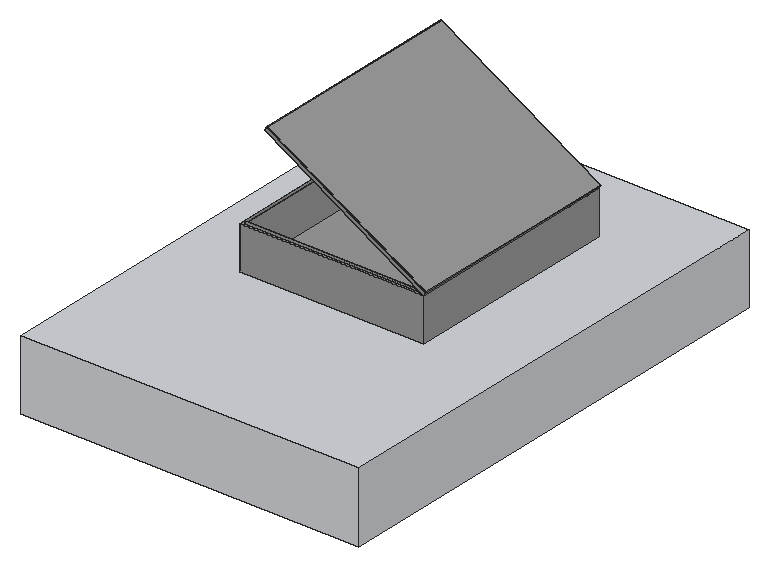
Revit family "Hager-Univers-IP44-D205-H950-Cl.I-encl-NL-en", category Equipement électrique, Revit 2020
Family settings
  Hôte = Face
  Configuration du panneau = Deux colonnes, circuits au sein
  Cote de connecteur circulaire = Utiliser le diamètre
  Type d'élément = Tableau de raccordement
  Couper avec des vides une fois chargée = Non
  Partagée = Non
  Point de calcul de pièce = Non
Parameters (values of type "Surface mounted (plaster) IP44 W800 H950 D205  - FP63QT")
  Width Control [instance] = if([EF000008 - Width] > Min Width, [EF000008 - Width], Min Width)  # 800 mm
  Commentaires du type = [HG000003 - Range]  # "Univers"
  Thickness Door [instance] = if([EF009171 - Material plate thickness door/cover] > 3 mm, 3 mm, [EF009171 - Material plate thickness door/cover])  # 1 mm
  Seal Frame Offset [instance] = 17 mm  # constant formula
  Plinth Visibility [instance] = [HG000027 - Plinth height] > 0 mm  # no
  Model = ""
  Min Width [instance] = 100 mm  # constant formula
  Min Height [instance] = 100 mm  # constant formula
  Min Depth [instance] = (2 * [EF009170 - Material plate thickness cabinet]) + 1 mm  # 3 mm
  Internal Frame Depth [instance] = (Door System Depth * 0.5)  # 9 mm
  Height Control [instance] = if([EF000040 - Height] > Min Height, [EF000040 - Height], Min Height)  # 950 mm
  HG000027 - Plinth height = 0 mm
  HG000026 - Floor standing = no
  HG000024 - Bottom section height = 800 mm
  HG000023 - Double section enclosure = no
  HG000016 - Door 3d visibility [instance] = yes
  HG000015 - Clearance visibility [instance] = no
  HG000014 - Door on the right [instance] = yes
  HG000013 - Door on the left [instance] = not([HG000014 - Door on the right])  # no
  HG000012 - Door swing angle [instance] = 30.00°
  HG000010 - Asymmetric doors = no
  HG000009 - Double swing door = no
  HG000006 - Flush mounted = no
  HG000004 - Manufacturer reference = "FP63QT"
  HG000003 - Range = "Univers"
  HG000002 - With door or cover = yes
  Frame Offset Bottom [instance] = 10 mm  # constant formula
  Frame Offset [instance] = 15 mm  # constant formula
  EF015940 - Cover with overpressure release = no
  EF011959 - Degree of protection (NEMA) = ""
  EF009554 - Number of openings for flange plates = 6
  EF009212 - Cover model = "EV000116 - Closed"
  EF009171 - Material plate thickness door/cover = 1 mm
  EF009170 - Material plate thickness cabinet = 1 mm
  Fabricant = "Hager"  # constant formula
  EF008873 - Nominal current (In) = 250 A
  EF007800 - Suitable for lightning protection = no
  EF006306 - With lock = no
  EF006244 - Transparent cover/door = no
  EF005474 - Degree of protection (IP) = "EV006418 - IP44"
  EF004464 - Type of door = "EV002646 - Single"
  EF004427 - Number of modules = 216
  EF004293 - Impact strength = "EV006815 - IK09"
  EF003532 - Suitable for outdoor use = no
  EF002950 - Width in number of modular spacings = 36
  EF001613 - Circuit integrity = "EV000494 - None"
  EF001596 - Material housing = "EV000179 - Steel"
  EF001131 - Internal depth = 130 mm
  EF001088 - Extension possible = yes
  EF000437 - Number of conduit inlets = 6
  EF000339 - Type of cover = "EV001012 - Cover"
  EF000266 - Number of rows = 6
  EF000218 - Built-in depth = 0 mm
  EF000118 - With mounting plate = no
  EF000116 - RAL-number = "9010"
  EF000049 - Depth = 205 mm
  EF000040 - Height = 950 mm
  EF000008 - Width = 800 mm
  EF000007 - Colour = "EV000202 - White"
  EF000003 - Mounting method = "EV000384 - Surface mounted (plaster)"
  Door System Leaf Tolerance [instance] = 1.5 mm  # constant formula
  Door System Depth [instance] = 18 mm  # constant formula
  Door Height [instance] = Height Control - [HG000027 - Plinth height]  # 950 mm
  Depth Control [instance] = if([EF000049 - Depth] > Min Depth, [EF000049 - Depth], Min Depth)  # 205 mm
  Default Elevation = 0 mm
  Connector Offset [instance] = Height Control / 2  # 475 mm
  Bottom Top Plate Trim [instance] = 1.5 mm  # constant formula
  Plinth height Ctrl [instance] = if([HG000027 - Plinth height] > 0 mm, [HG000027 - Plinth height], 12 mm)  # 12 mm
Types (5, lengths in mm): name | Width Control | HG000004 - Manufacturer reference | EF009554 - Number of openings for flange plates | EF004464 - Type of door | EF004427 - Number of modules | EF002950 - Width in number of modular spacings | EF000437 - Number of conduit inlets | EF000008 - Width
  Surface mounted (plaster) IP44 W1050 H950 D205  - FP64QT | 1050 | "FP64QT" | 8 | "EV003602 - Double" | 288 | 48 | 8 | 1050
  Surface mounted (plaster) IP44 W1300 H950 D205  - FP65QT | 1300 | "FP65QT" | 10 | "EV003602 - Double" | 360 | 60 | 10 | 1300
  Surface mounted (plaster) IP44 W300 H950 D205  - FP61QT | 300 | "FP61QT" | 2 | "EV002646 - Single" | 72 | 12 | 2 | 300
  Surface mounted (plaster) IP44 W550 H950 D205  - FP62QT | 550 | "FP62QT" | 4 | "EV002646 - Single" | 144 | 24 | 4 | 550
  Surface mounted (plaster) IP44 W800 H950 D205  - FP63QT | 800 | "FP63QT" | 6 | "EV002646 - Single" | 216 | 36 | 6 | 800
Reference planes
  plane 1 "Center (Front/Back)": y = 0
  plane 2: z = 0
  plane 3 "Center (Left/Right)": x = 0
  plane 4: z = 205
  plane 5: y = 1
  plane 6: y = 475
  plane 7: y = 0
  plane 8: y = 950
  plane 9: z = 0
  plane 10: x = -385
  plane 11: x = 385
  plane 12: x = 384
  plane 13: x = -384
  plane 14: y = 949
  plane 15: x = -383
  plane 16: x = -400
  plane 17: x = 383
  plane 18: x = 400
  plane 19: x = 399
  plane 20: x = -399
  plane 21: y = 11
  plane 22: y = 950
  plane 23: y = 934
  plane 24: z = 187
  plane 25: z = 1
  plane 26: z = 186
  plane 27: z = 204
Forms (mm)
  Extrusion 1, solid
    sketch origin (0, 0, 0) x (1, 0, 0) y (0, 1, 0)
      loop
        line (-702.964, 1305) -> (-702.964, -811.445) -> (766.763, -811.445) -> (766.763, 1305) -> (-702.964, 1305)
    from 0 to -304.8
  Extrusion 2, solid, material "Hager_Steel_RAL7035_Light_Grey", visible <- "Plinth Visibility", detail levels medium+fine
    sketch origin (0, 0, 0) x (1, 0, 0) y (0, 1, 0)
      loop
        line (-400, 0) -> (400, 0) -> (400, 12) -> (-400, 12) -> (-400, 0)
    from 0 to 187
  Extrusion 3, solid, material "Hager_Steel_RAL7035_Light_Grey", detail levels medium+fine
    sketch origin (0, 0, 0) x (1, 0, 0) y (0, 1, 0)
      loop
        line (-400, 0) -> (400, 0) -> (400, 950) -> (-400, 950) -> (-400, 0)
    from 0 to 187
  Extrusion 4, void
    sketch origin (0, 0, 0) x (1, 0, 0) y (0, 1, 0)
      loop
        line (-399, 1) -> (399, 1) -> (399, 949) -> (-399, 949) -> (-399, 1)
    from 1 to 186
  Extrusion 5, void
    sketch origin (-381.607, -4572, 187) x (0, -1, 0) y (-1, 0, 0)
      loop
        line (-4583, 2.393) -> (-5506, 2.393) -> (-5506, -765.607) -> (-4583, -765.607) -> (-4583, 2.393)
    from 0 to 1 <- "EF009170 - Material plate thickness cabinet"
  Extrusion 6, solid, material "Hager_Steel_RAL7035_Light_Grey", detail levels fine
    sketch origin (0, 0, 187) x (1, 0, 0) y (0, 1, 0)
      loop
        line (-384, 934) -> (-384, 11) -> (384, 11) -> (384, 934) -> (-384, 934)
      loop
        line (-385, 10) -> (385, 10) -> (385, 935) -> (-385, 935) -> (-385, 10)
    from 0 to 9 <- "Internal Frame Depth"
  Extrusion 7, solid, material "Hager_Steel_RAL7035_Light_Grey", detail levels coarse
    sketch origin (0, 0, 0) x (1, 0, 0) y (0, 1, 0)
      loop
        line (-400, 0) -> (400, 0) -> (400, 950) -> (-400, 950) -> (-400, 0)
    from 0 to 205
  Sweep 8, void
    path in 3D
      loop
        line (-400, 12, 0) -> (400, 12, 0) -> (400, 12, 187) -> (-400, 12, 187) -> (-400, 12, 0)
    profile origin (-400, 12, 93.5) x (-1, 0, 0) y (0, -1, 0)
      loop
        line (0, 0) -> (0, 1.5) -> (-1.5, 1.5)
        arc (-1.5, 1.5) -> (-1.061, 0.439) -> (0, 0) r 1.5
Cuts and joins
  Extrusion 4, Extrusion 5 cuts Extrusion 3
  Sweep 8 cuts Extrusion 2
Lines and regions (mm)
  Masking region 1
    outline origin (0, 0, 0) x (1, 0, 0) y (0, 0, 1)
      loop
        line (-400, 205) -> (-400, 0) -> (400, 0) -> (400, 205) -> (-400, 205)
  Masking region 2, detail levels medium+fine
    outline origin (0, 140, 0) x (0, 1, 0) y (0, 0, 1)
      loop
        line (-140, 0) -> (810, 0) -> (810, 187) -> (-140, 187) -> (-140, 0)
  Masking region 3, not visible, detail levels medium+fine
    outline origin (0, 297.922, 0) x (0, 1, 0) y (0, 0, 1)
      loop
        line (188.578, 0) -> (228.578, 0) -> (228.578, 194)
        arc (228.578, 194) -> (225.649, 201.071) -> (218.578, 204) r 10
        line (218.578, 204) -> (188.578, 204) -> (188.578, 0)
  Masking region 4, detail levels coarse
    outline origin (0, 0, 180) x (0, 1, 0) y (0, 0, 1)
      loop
        line (0, -180) -> (950, -180) -> (950, 25) -> (0, 25) -> (0, -180)
  Masking region 5, visible <- "Plinth Visibility", detail levels medium+fine
    outline origin (0, 52.24, 12.345) x (0, 0, -1) y (0, 1, 0)
      loop
        line (10.845, -40.24) -> (-173.155, -40.24)
        arc (-173.155, -40.24) -> (-173.594, -41.301) -> (-174.655, -41.74) r 1.5
        line (-174.655, -41.74) -> (-174.655, -52.24) -> (12.345, -52.24) -> (12.345, -41.74)
        arc (12.345, -41.74) -> (11.285, -41.301) -> (10.845, -40.24) r 1.5
  Masking region 6, detail levels medium+fine
    outline origin (-381.607, -4572, 187) x (-1, 0, 0) y (0, -1, 0)
      loop
        line (18.393, -5522) -> (18.393, -4572) -> (-781.607, -4572) -> (-781.607, -5522) -> (18.393, -5522)
  Masking region 7, visible <- "Plinth Visibility", detail levels medium+fine
    outline origin (-381.607, -4727, 187) x (-1, 0, 0) y (0, -1, 0)
      loop
        arc (16.893, -4739) -> (17.332, -4737.939) -> (18.393, -4737.5) r 1.5
        line (18.393, -4737.5) -> (18.393, -4727) -> (-781.607, -4727) -> (-781.607, -4737.5)
        arc (-781.607, -4737.5) -> (-780.546, -4737.939) -> (-780.107, -4739) r 1.5
        line (-780.107, -4739) -> (16.893, -4739)
  Masking region 8, detail levels coarse
    outline origin (-442.548, -4669.526, 187) x (-1, 0, 0) y (0, -1, 0)
      loop
        line (-42.548, -5619.526) -> (-42.548, -4669.526) -> (-842.548, -4669.526) -> (-842.548, -5619.526) -> (-42.548, -5619.526)
  sketch lines
    curve 1: line (-400, 12, 187) -> (-400, 12, 0)
    curve 2: line (400, 12, 187) -> (-400, 12, 187)
    curve 3: line (400, 12, 187) -> (400, 12, 0)
    curve 4: line (-400, 12, 0) -> (400, 12, 0)
Dimensions and locks
  "Depth Control": plane 4 to Extrusion 1
  "HG000027 - Plinth height": plane 1 "Center (Front/Back)" to plane 7
  "EF009170 - Material plate thickness cabinet": plane 5 to plane 7
  locked: connector elem to plane 3 "Center (Left/Right)"
  equal spacing: plane 8, plane 6, plane 7
  locked: connector elem to plane 6
  "EF009170 - Material plate thickness cabinet": plane 8 to plane 14
  "EF009170 - Material plate thickness cabinet": plane 10 to plane 13
  "EF009170 - Material plate thickness cabinet": plane 12 to plane 11
  "Frame Offset": plane 20 to plane 13
  "Frame Offset": plane 12 to plane 19
  "EF009170 - Material plate thickness cabinet": plane 16 to plane 20
  "EF009170 - Material plate thickness cabinet": plane 19 to plane 18
  "Seal Frame Offset": plane 16 to plane 15
  "Seal Frame Offset": plane 17 to plane 18
  "Frame Offset Bottom": plane 21 to plane 5
  "Frame Offset": plane 14 to plane 23
  equal spacing: plane 16, plane 3 "Center (Left/Right)", plane 18
  "Width Control": plane 16 to plane 18
  "EF009170 - Material plate thickness cabinet": plane 4 to plane 27
  "EF009170 - Material plate thickness cabinet": plane 24 to plane 26
  "EF009170 - Material plate thickness cabinet": plane 25 to level
  "Door System Depth": plane 4 to plane 24
  "Height Control": plane 1 "Center (Front/Back)" to Extrusion 7 sketch curve
  "Height Control": Masking region 4 sketch curve to plane 1 "Center (Front/Back)"
  "Height Control": plane 1 "Center (Front/Back)" to plane 22
  "Bottom Top Plate Trim": profile plane to Sweep 8 sketch curve
  "Bottom Top Plate Trim": Sweep 8 sketch curve to profile plane
  "Plinth height Ctrl": plane 1 "Center (Front/Back)" to Extrusion 2 sketch curve
  "Plinth height Ctrl": Masking region 5 sketch curve to plane 1 "Center (Front/Back)"
  "Plinth height Ctrl": plane 1 "Center (Front/Back)" to Masking region 7 sketch curve
  "Thickness Door": Extrusion 6 sketch curve to Extrusion 6 sketch curve  (x3)
  "Thickness Door": cut or joined group of Extrusion 3, Extrusion 4, Extrusion 5 to Extrusion 6 sketch curve
  radius of Masking region 3 sketch curve = 10 mm
  "Bottom Top Plate Trim": radius of Masking region 5 sketch curve  (x2)
  "Bottom Top Plate Trim": radius of Sweep 8 sketch curve
  "Bottom Top Plate Trim": radius of Masking region 7 sketch curve  (x2)
  aligned and locked: plane 2 to Extrusion 1
  aligned and locked: level to Extrusion 1
  aligned and locked: level to Masking region 1 sketch curve
  aligned and locked: Masking region 1 sketch curve to plane 18
  aligned and locked: Masking region 1 sketch curve to plane 16
  aligned and locked: plane 7 to Masking region 2 sketch curve
  aligned and locked: level to Masking region 3 sketch curve
  aligned and locked: Masking region 3 sketch curve to plane 27
  aligned and locked: level to Masking region 2 sketch curve
  aligned and locked: plane 1 "Center (Front/Back)" to Extrusion 2 sketch curve
  aligned and locked: Extrusion 3 sketch curve to plane 7
  aligned and locked: plane 16 to Extrusion 3 sketch curve
  aligned and locked: plane 18 to Extrusion 3 sketch curve
  aligned and locked: plane 20 to Extrusion 4 sketch curve
  aligned and locked: plane 19 to Extrusion 4 sketch curve
  aligned and locked: Extrusion 4 sketch curve to plane 5
  aligned and locked: Extrusion 4 to plane 25
  aligned and locked: plane 26 to Extrusion 4
  aligned and locked: plane 24 to Extrusion 3
  aligned and locked: Extrusion 5 sketch curve to plane 21
  aligned and locked: Extrusion 5 sketch curve to plane 13
  aligned and locked: Extrusion 5 sketch curve to plane 12
  aligned and locked: plane 18 to Extrusion 7 sketch curve
  aligned and locked: plane 1 "Center (Front/Back)" to Extrusion 7 sketch curve
  aligned and locked: plane 16 to Extrusion 7 sketch curve
  aligned and locked: plane 4 to Extrusion 7
  aligned and locked: Extrusion 7 to level
  aligned and locked: level to Masking region 4 sketch curve
  aligned and locked: Masking region 4 sketch curve to plane 1 "Center (Front/Back)"
  aligned and locked: Masking region 4 sketch curve to plane 4
  aligned and locked: nested 1 to level
  aligned and locked: nested 1 to plane 16
  aligned and locked: plane 8 to Extrusion 3 sketch curve
  aligned and locked: plane 23 to Extrusion 5 sketch curve
  aligned and locked: plane 14 to Extrusion 4 sketch curve
  aligned and locked: Masking region 2 sketch curve to plane 8
  aligned and locked: level to Masking region 5 sketch curve
  aligned and locked: plane 16 to Extrusion 2 sketch curve
  aligned and locked: plane 18 to Extrusion 2 sketch curve
  aligned and locked: Masking region 5 sketch curve to plane 24
  aligned and locked: Masking region 2 sketch curve to plane 24
  aligned and locked: plane 24 to Extrusion 2
  aligned and locked: profile plane to Sweep 8 sketch curve  (x2)
  aligned and locked: Masking region 6 sketch curve to plane 18
  aligned and locked: Masking region 6 sketch curve to plane 22
  aligned and locked: Masking region 6 sketch curve to plane 16
  aligned and locked: plane 8 to plane 22
  aligned and locked: Masking region 6 sketch curve to plane 7
  aligned and locked: Masking region 7 sketch curve to plane 16
  aligned and locked: Masking region 7 sketch curve to plane 1 "Center (Front/Back)"
  aligned and locked: Masking region 7 sketch curve to plane 18
  aligned and locked: Masking region 8 sketch curve to plane 1 "Center (Front/Back)"
  aligned and locked: Masking region 8 sketch curve to plane 18
  aligned and locked: Masking region 8 sketch curve to plane 22
  aligned and locked: Masking region 8 sketch curve to plane 16
  aligned and locked: nested 2 to plane 7
  aligned and locked: plane 3 "Center (Left/Right)" to nested 2
  aligned and locked: nested 2 to plane 24
  aligned and locked: Extrusion 6 sketch curve to cut or joined group of Extrusion 3, Extrusion 4, Extrusion 5  (x4)
Automatic sketch dimensions
  Extrusion 1 sketch curve to Extrusion 1 sketch curve = 1469.727 mm
  Extrusion 1 sketch curve to Extrusion 1 sketch curve = 2116.445 mm
  Masking region 1 sketch curve to plane 4 = 0 mm
  plane 6 to Masking region 3 sketch curve = 11.5 mm
  Masking region 3 sketch curve to Masking region 3 sketch curve = 30 mm
  Masking region 5 sketch curve to plane 1 "Center (Front/Back)" = 0 mm
Nested families
  nested 1: "Hager_Enclosure_Symbol" at (-400, 0, 0) x (1, 0, 0) z (0, -1, 0), Height <- "Depth Control", Width <- "Width Control", type "Hager_Enclosure_Symbol"
    with Width_Ctrl 800 mm, Width 800 mm, Height_Ctrl 205 mm, Height 205 mm, A_Width_Int 13.453 mm, A_Width 161.438 mm, A_Height_Ctrl 179.375 mm, A_Height 179.375 mm
  nested 2: "EC000058_Univers_Door" at (0, 0, 187) x (1, 0, 0) z (0, 1, 0), Leaf_Tolerance <- "Door System Leaf Tolerance", Angle <- "HG000012 - Door swing angle", Door_Depth <- "Door System Depth", Door_Left <- "HG000013 - Door on the left", Transparent <- "EF006244 - Transparent cover/door", Assymetrical <- "HG000010 - Asymmetric doors", Width <- "Width Control", Clearance <- "HG000015 - Clearance visibility", Double <- "HG000009 - Double swing door", 3d_Door <- "HG000016 - Door 3d visibility", Lock_Visibility <- "EF006306 - With lock", Width_Ctrl <- "Width Control", Door_Right <- "HG000014 - Door on the right", Door <- "HG000002 - With door or cover", Height <- "Door Height", Thickness <- "Thickness Door", type "EC000058_Univers_Door", detail levels medium+fine
    with min_wh 3 mm, Width_Ctrl 800 mm, Width 800 mm, Transparent no, Thickness 1 mm, Seal_Material Hager_Rubber, Lock_Visibility no, Lock_Material Hager_Plastic_RAL9005_Jet_Black, Leaf_Width 800 mm, Leaf_Tolerance_External_Sides 0 mm, Leaf_Tolerance 1.5 mm, Leaf_Offset 0 mm, Leaf_Height 947 mm, Leaf_2_Width 800 mm, Leaf_2_Offset 400 mm, Leaf_1_Width 800 mm, Leaf_1_Offset 400 mm, Height_Ctrl 950 mm, Height 950 mm, Glass_Material Hager_Glass, Double_Clearance_Ctrl no, Double no, Door_Right_Ctrl yes, Door_Right yes, Door_Material Hager_Steel_RAL7035_Light_Grey, Door_Left_Ctrl no, Door_Left no, Door_Depth 18 mm, Door yes, Clearance_Material Hager_Clearance, Clearance_Depth 800 mm, Clearance_Ctrl no, Clearance no, Assymetrical no, Angle 30.00°, 3d_Door yes
Connectors
  electrical at (0, 475, 0)
    settings: on plane 9, index 1, voltage 0 V, apparent load 0 VA, apparent load phase1 0 VA, apparent load phase2 0 VA, apparent load phase3 0 VA, power factor 1, load classification "Other", number of poles 1, system type 30, power factor state 1, is connector primary yes, connector utility no, sub classification motor no, connector description ""
Definition of nested family "EC000058_Univers_Door"
  Parameters (values of type "EC000058_Univers_Door")
    min_wh [instance] = (2 * Thickness) + 1 mm  # 11 mm
    Width_Ctrl [instance] = 400 mm
    Width [instance] = 500 mm
    Transparent [instance] = yes
    Thickness [instance] = 5 mm
    Seal_Material [instance] = none
    Lock_Visibility [instance] = yes
    Lock_Material [instance] = none
    Leaf_Width [instance] = if((Width_Ctrl - 2 * Leaf_Tolerance_External_Sides) > 0 mm, (Width_Ctrl - 2 * Leaf_Tolerance_External_Sides), min_wh)  # 400 mm
    Leaf_Tolerance_External_Sides [instance] = 0 mm  # constant formula
    Leaf_Tolerance [instance] = 1.5 mm
    Leaf_Offset [instance] = 0 mm  # constant formula
    Leaf_Height [instance] = if((Height_Ctrl - 2 * Leaf_Tolerance) > 0 mm, (Height_Ctrl - 2 * Leaf_Tolerance), min_wh)  # 497 mm
    Leaf_2_Width [instance] = if(and(and(Double, Assymetrical), Door_Left), (Leaf_Width / 3) - (Leaf_Tolerance / 2), if(and(and(Double, Assymetrical), Door_Right), (Leaf_Width / 3) * 2 - (Leaf_Tolerance / 2), if(and(Double, not(Assymetrical)), (Leaf_Width / 2) - Leaf_Tolerance, Leaf_Width)))  # 400 mm
    Leaf_2_Offset [instance] = if(and(Double, Assymetrical), Leaf_2_Width / 2, if(and(Double, not(Assymetrical)), Leaf_Width / 4, Leaf_Width / 2))  # 200 mm
    Leaf_1_Width [instance] = if(and(and(Double, Assymetrical), Door_Right), (Leaf_Width / 3) - (Leaf_Tolerance / 2), if(and(and(Double, Assymetrical), Door_Left), (Width / 3) * 2 - (Leaf_Tolerance / 2), if(and(Double, not(Assymetrical)), (Leaf_Width / 2) - Leaf_Tolerance, Leaf_Width)))  # 400 mm
    Leaf_1_Offset [instance] = if(and(Double, Assymetrical), Leaf_1_Width / 2, if(and(Double, not(Assymetrical)), Leaf_Width / 4, Leaf_Width / 2))  # 200 mm
    Height_Ctrl [instance] = if(Height > min_wh, Height, min_wh)  # 500 mm
    Height [instance] = 500 mm
    Glass_Material [instance] = none
    Double_Clearance_Ctrl [instance] = and(Double, Clearance)  # no
    Double [instance] = no
    Door_Right_Ctrl [instance] = and(or(Door_Right, Double), Door)  # yes
    Door_Right [instance] = yes
    Door_Material [instance] = none
    Door_Left_Ctrl [instance] = and(or(Door_Left, Double), Door)  # no
    Door_Left [instance] = no
    Door_Depth [instance] = 30 mm
    Door [instance] = yes
    Default Elevation = 1219.2 mm
    Clearance_Material [instance] = none
    Clearance_Depth [instance] = if(Leaf_1_Width > Leaf_2_Width, Leaf_1_Width, Leaf_2_Width)  # 400 mm
    Clearance_Ctrl [instance] = and(not(Double), Clearance)  # yes
    Clearance [instance] = yes
    Assymetrical [instance] = yes
    Angle [instance] = 30.00°
    3d_Door [instance] = yes
  Reference planes
    plane 1 "Center (Front/Back)": y = 0
    plane 2 "Bottom": z = 0
    plane 3 "Center (Left/Right)": x = 0
    plane 4: z = 500
    plane 5: x = -200
    plane 6: x = 200
    plane 7: z = 500
    plane 8: x = -200
    plane 9: z = 0
    plane 10: x = 200
    plane 11: y = 0
    plane 12: z = 1.5
    plane 13: x = -600
    plane 14: y = -400
    plane 15: x = 600
    plane 16: x = 0
    plane 17: x = 0
    plane 18: x = -200
    plane 19: x = 200
    plane 20: z = 498.5
  Forms (mm)
    Extrusion 1, solid, material <- "Clearance_Material", visible <- "Double_Clearance_Ctrl"
      sketch origin (1200, 0, 0) x (1, 0, 0) y (0, 0, -1)
        loop
          line (-1800, -498.5) -> (-600, -498.5) -> (-600, 0) -> (-1800, 0) -> (-1800, -498.5)
      from 0 to -400
  Dimensions and locks
    equal spacing: plane 5, plane 3 "Center (Left/Right)", plane 6
    "Width_Ctrl": plane 5 to plane 6
    "Leaf_Offset": plane 5 to plane 8
    "Leaf_Offset": plane 6 to plane 10
    "Leaf_Offset": plane 9 to level
    "Leaf_Offset": plane 4 to plane 7
    "Height_Ctrl": plane 4 to level
    "Leaf_Tolerance": plane 12 to plane 9
    locked: plane 11 to plane 1 "Center (Front/Back)"
    "Leaf_1_Offset": plane 18 to plane 16
    "Leaf_2_Offset": plane 17 to plane 19
    "Leaf_1_Width": plane 13 to plane 8
    "Leaf_2_Width": plane 10 to plane 15
    "Clearance_Depth": plane 14 to plane 1 "Center (Front/Back)"
    "Leaf_Tolerance_External_Sides": plane 8 to plane 18
    "Leaf_Tolerance_External_Sides": plane 19 to plane 10
    "Leaf_Tolerance": plane 7 to plane 20
    aligned and locked: level to plane 2 "Bottom"
    aligned and locked: nested 1 to plane 16
    aligned and locked: nested 2 to plane 17
    aligned and locked: Extrusion 1 to plane 13
    aligned and locked: plane 15 to Extrusion 1
    aligned and locked: Extrusion 1 to plane 14
    aligned and locked: plane 12 to nested 1
    aligned and locked: nested 2 to plane 12
    aligned and locked: Extrusion 1 to plane 11
    aligned and locked: plane 20 to Extrusion 1
    aligned and locked: nested 2 to plane 11
    aligned and locked: nested 1 to plane 11
  Automatic sketch dimensions
    Extrusion 1 sketch curve to level = 0 mm
    plane 5 to Extrusion 1 sketch curve = 400 mm
    plane 6 to Extrusion 1 sketch curve = 400 mm
    Extrusion 1 sketch curve to plane 4 = 1.5 mm
  Nested families
    nested 1: "EC000058_Univers_Door_Leaf" at (0, 0, 1.5), Width <- "Leaf_1_Width", visible <- "Door_Left_Ctrl", Leaf_Height <- "Leaf_Height", Angle <- "Angle", 3d_Door <- "3d_Door", Transparent <- "Transparent", Clearance Material <- "Clearance_Material", Clearance <- "Clearance_Ctrl", Door_Material <- "Door_Material", Glass_Material <- "Glass_Material", Door_Depth <- "Door_Depth", Lock_Material <- "Lock_Material", Seal_Material <- "Seal_Material", Lock_Visibility <- "Lock_Visibility", Thickness <- "Thickness", type "EC000058_Univers_Door_Leaf"
      with Width 400 mm, Transparent_Glass_Offset 30 mm, Transparent_Ctrl yes, Transparent yes, Thickness 5 mm, Standard no, Seal_Material none, Seal_D2 8 mm, Seal_D1 1 mm, Offset_Internal_Frame 10 mm, Lock_Width 20 mm, Lock_Visibility_3d yes, Lock_Visibility yes, Lock_Thickness_3 3 mm, Lock_Thickness_2 1 mm, Lock_Thickness_1 3 mm, Lock_Radius_Offset_2 16 mm, Lock_Radius_Offset_1 15 mm, Lock_Radius_2 5 mm, Lock_Radius 6 mm, Lock_Offset 5 mm, Lock_Material none, Lock_Height 80 mm, Lock_Cover_Top_Offset_2d 17 mm, Lock_Cover_Height -65 mm, Leaf_Height 497 mm, Internal_Seal_Thickness 8 mm, Internal_Seal_Depth_2 4.5 mm, Internal_Frame_Depth 25 mm, Glass_Thickness -1 mm, Glass_Offset -2 mm, Glass_Material none, Door_Material none, Door_Depth 30 mm, Clearance Material none, Clearance yes, Angle_Ctrl 30.00°, Angle 30.00°, 3d_Door yes
    nested 2: "EC000058_Univers_Door_Leaf" at (0, 0, 1.5) x (-1, 0, 0) z (0, 0, 1), Width <- "Leaf_2_Width", visible <- "Door_Right_Ctrl", Leaf_Height <- "Leaf_Height", Angle <- "Angle", 3d_Door <- "3d_Door", Transparent <- "Transparent", Clearance Material <- "Clearance_Material", Clearance <- "Clearance_Ctrl", Door_Material <- "Door_Material", Glass_Material <- "Glass_Material", Door_Depth <- "Door_Depth", Lock_Material <- "Lock_Material", Seal_Material <- "Seal_Material", Lock_Visibility <- "Lock_Visibility", Thickness <- "Thickness", type "EC000058_Univers_Door_Leaf"
      with Width 400 mm, Transparent_Glass_Offset 30 mm, Transparent_Ctrl yes, Transparent yes, Thickness 5 mm, Standard no, Seal_Material none, Seal_D2 8 mm, Seal_D1 1 mm, Offset_Internal_Frame 10 mm, Lock_Width 20 mm, Lock_Visibility_3d yes, Lock_Visibility yes, Lock_Thickness_3 3 mm, Lock_Thickness_2 1 mm, Lock_Thickness_1 3 mm, Lock_Radius_Offset_2 16 mm, Lock_Radius_Offset_1 15 mm, Lock_Radius_2 5 mm, Lock_Radius 6 mm, Lock_Offset 5 mm, Lock_Material none, Lock_Height 80 mm, Lock_Cover_Top_Offset_2d 17 mm, Lock_Cover_Height -65 mm, Leaf_Height 497 mm, Internal_Seal_Thickness 8 mm, Internal_Seal_Depth_2 4.5 mm, Internal_Frame_Depth 25 mm, Glass_Thickness -1 mm, Glass_Offset -2 mm, Glass_Material none, Door_Material none, Door_Depth 30 mm, Clearance Material none, Clearance yes, Angle_Ctrl 30.00°, Angle 30.00°, 3d_Door yes
  Definition of nested family "EC000058_Univers_Door_Leaf"
    Parameters (values of type "EC000058_Univers_Door_Leaf")
      Width [instance] = 2000 mm
      Transparent_Glass_Offset [instance] = 30 mm
      Transparent_Ctrl [instance] = and(Transparent, [3d_Door])  # yes
      Transparent [instance] = yes
      Thickness [instance] = 5 mm
      Standard [instance] = and(not(Transparent), [3d_Door])  # no
      Seal_Material [instance] = none
      Seal_D2 [instance] = 8 mm  # constant formula
      Seal_D1 [instance] = 1 mm  # constant formula
      Offset_Internal_Frame [instance] = 10 mm  # constant formula
      Lock_Width [instance] = 20 mm  # constant formula
      Lock_Visibility_3d [instance] = and(Lock_Visibility, [3d_Door])  # yes
      Lock_Visibility [instance] = yes
      Lock_Thickness_3 [instance] = 3 mm  # constant formula
      Lock_Thickness_2 [instance] = 1 mm  # constant formula
      Lock_Thickness_1 [instance] = 3 mm  # constant formula
      Lock_Radius_Offset_2 [instance] = Lock_Radius_Offset_1 + 1 mm  # 16 mm
      Lock_Radius_Offset_1 [instance] = 15 mm  # constant formula
      Lock_Radius_2 [instance] = Lock_Radius - 1 mm  # 5 mm
      Lock_Radius [instance] = 6 mm  # constant formula
      Lock_Offset [instance] = 5 mm  # constant formula
      Lock_Material [instance] = none
      Lock_Height [instance] = 80 mm  # constant formula
      Lock_Cover_Top_Offset_2d [instance] = Lock_Radius_Offset_2 + 1 mm  # 17 mm
      Lock_Cover_Height [instance] = -(Lock_Height - Lock_Radius_Offset_1)  # -65 mm
      Leaf_Height [instance] = 2720.336 mm
      Internal_Seal_Thickness [instance] = 8 mm  # constant formula
      Internal_Seal_Depth_2 [instance] = 4.5 mm  # constant formula
      Internal_Frame_Depth [instance] = if(Door_Depth - Thickness > 5 mm, Door_Depth - Thickness, 5 mm)  # 25 mm
      Glass_Thickness [instance] = if(Thickness > 15 mm, Glass_Offset + 10 mm, -1 mm)  # -1 mm
      Glass_Offset [instance] = if(Thickness > 15 mm, -(Thickness + 10 mm) / 2, -2 mm)  # -2 mm
      Glass_Material [instance] = none
      Door_Material [instance] = none
      Door_Depth [instance] = 30 mm
      Default Elevation = 0 mm
      Clearance Material [instance] = none
      Clearance [instance] = yes
      Angle_Ctrl [instance] = if(Angle > 180.00°, 180.00°, Angle)  # 90.00°
      Angle [instance] = 90.00°
      3d_Door [instance] = yes
    Reference planes
      plane 1 "Center (Front/Back)": y = 0
      plane 2: z = 0
      plane 3 "Center (Left/Right)": x = 0
      plane 4: y = 2000
      plane 5: x = -1000
      plane 6: x = 1000
      plane 7: x = -3000
      plane 8: z = 2720.336
      plane 9: z = 30
      plane 10: z = 2690.336
      plane 11: x = 970
      plane 12: x = -970
      plane 13: y = -3
      plane 14: z = 107.833
      plane 15: y = -5
      plane 16: y = -223.314
      plane 17: x = -1000
      plane 18: z = 1360.168
      plane 19: y = 30
    Forms (mm)
      Extrusion 1, solid, material <- "Clearance Material", visible <- "Clearance"
        sketch origin (0, 0, 0) x (1, 0, 0) y (0, 0, 1)
          loop
            line (-3000, 2720.336) -> (-3000, 0) -> (1000, 0) -> (1000, 2720.336) -> (-3000, 2720.336)
        from 0 to -2000
      Extrusion 2, solid, material <- "Door_Material", visible <- "Standard", detail levels medium+fine
        sketch origin (-1000, 0, 0) x (0, 1, 0) y (-1, 0, 0)
          loop
            line (0, 30) -> (0, 25) -> (2000, 25) -> (2000, 30) -> (0, 30)
        from 0 to 2720.336 <- "Leaf_Height"
      Extrusion 3, solid, material <- "Door_Material", visible <- "Transparent_Ctrl", detail levels medium+fine
        sketch origin (-1000, 0, 0) x (0, 1, 0) y (-1, 0, 0)
          loop
            line (0, 25) -> (2000, 25) -> (2000, 30) -> (0, 30) -> (0, 25)
        from 0 to 2720.336 <- "Leaf_Height"
      Extrusion 4, void
        sketch origin (-1025, 2000, 0) x (0, 1, 0) y (0, 0, -1)
          loop
            line (-30, -2690.336) -> (-30, -30) -> (-1970, -30) -> (-1970, -2690.336) -> (-30, -2690.336)
        from 0 to 5 <- "Thickness"
      Sweep 5, solid, material <- "Seal_Material", visible <- "Transparent_Ctrl", detail levels fine
        path in 3D
          loop
            line (-1025, 30, 30) -> (-1025, 30, 2690.336) -> (-1025, 1970, 2690.336) -> (-1025, 1970, 30) -> (-1025, 30, 30)
        profile origin (-1025, 1000, 30) x (1, 0, 0) y (0, 0, 1)
          loop
            line (0, 0) -> (0, -8) -> (1, -8) -> (1, 0) -> (0, 0)
      Extrusion 6, solid, material <- "Glass_Material", visible <- "Transparent_Ctrl", detail levels medium+fine
        sketch origin (-1030, 0, 0) x (0, 1, 0) y (0, 0, -1)
          loop
            line (1970, -2690.336) -> (1970, -30) -> (30, -30) -> (30, -2690.336) -> (1970, -2690.336)
        from -2 <- "Glass_Offset" to -1 <- "Glass_Thickness"
      Extrusion 7, solid, material <- "Door_Material", visible <- "3d_Door", detail levels medium+fine
        sketch origin (-1025, 2000, 0) x (0, -1, 0) y (0, 0, -1)
          loop
            line (0, -2720.336) -> (2000, -2720.336) -> (2000, 0) -> (0, 0) -> (0, -2720.336)
          loop
            line (1995, -5) -> (5, -5) -> (5, -2715.336) -> (1995, -2715.336) -> (1995, -5)
        from 0 to 25 <- "Internal_Frame_Depth"
      Sweep 8, solid, material <- "Seal_Material", visible <- "Transparent_Ctrl", detail levels fine
        path in 3D
          loop
            line (-1025, 0, 0) -> (-1025, 2000, 0) -> (-1025, 2000, 2720.336) -> (-1025, 0, 2720.336) -> (-1025, 0, 0)
        profile origin (-1025, 0, 1360.168) x (1, 0, 0) y (0, 1, 0)
          loop
            line (0, 10) -> (2.975, 10)
            arc (2.975, 10) -> (4.053, 10.447) -> (4.5, 11.525) r 1.525
            line (4.5, 11.525) -> (4.5, 16.527)
            arc (4.5, 16.527) -> (4.069, 17.569) -> (3.027, 18) r 1.473
            line (3.027, 18) -> (0, 18) -> (0, 10)
      Extrusion 9, solid, material <- "Lock_Material", visible <- "Lock_Visibility_3d", detail levels fine
        sketch origin (-1030, 0, 0) x (0, 1, 0) y (0, 0, -1)
          loop
            arc (1993.5, -1400.168) -> (1994.561, -1399.729) -> (1995, -1398.668) r 1.5
            line (1995, -1398.668) -> (1995, -1320.168) -> (1975, -1320.168) -> (1975, -1398.668)
            arc (1975, -1398.668) -> (1975.439, -1399.729) -> (1976.5, -1400.168) r 1.5
            line (1976.5, -1400.168) -> (1993.5, -1400.168)
        from 3 <- "Lock_Thickness_1" to 0
      Blend 10, solid, material <- "Lock_Material", visible <- "Lock_Visibility_3d", detail levels fine
        base sketch origin (-1033, 0, 0) x (0, 1, 0) y (0, 0, -1)
          loop
            line (1975, -1320.168) -> (1975, -1398.668)
            arc (1975, -1398.668) -> (1975.439, -1399.729) -> (1976.5, -1400.168) r 1.5
            line (1976.5, -1400.168) -> (1993.5, -1400.168)
            arc (1993.5, -1400.168) -> (1994.561, -1399.729) -> (1995, -1398.668) r 1.5
            line (1995, -1398.668) -> (1995, -1320.168) -> (1975, -1320.168)
        top sketch origin (-1033, 0, 0) x (0, 1, 0) y (0, 0, -1)
          loop
            line (1976, -1320.168) -> (1976, -1398.668)
            arc (1976, -1398.668) -> (1976.146, -1399.022) -> (1976.5, -1399.168) r 0.5
            line (1976.5, -1399.168) -> (1993.5, -1399.168)
            arc (1993.5, -1399.168) -> (1993.854, -1399.022) -> (1994, -1398.668) r 0.5
            line (1994, -1398.668) -> (1994, -1320.168) -> (1976, -1320.168)
        from 0 to 1 <- "Lock_Thickness_2"
      Blend 11, solid, material <- "Lock_Material", visible <- "Lock_Visibility_3d", detail levels fine
        base sketch origin (-1034, 0, 0) x (0, 1, 0) y (0, 0, -1)
          loop
            line (1978, -1320.168) -> (1978, -1384.168)
            arc (1978, -1384.168) -> (1985, -1391.168) -> (1992, -1384.168) r 7
            line (1992, -1384.168) -> (1992, -1320.168) -> (1978, -1320.168)
        top sketch origin (-1034, 0, 0) x (0, 1, 0) y (0, 0, -1)
          loop
            line (1991, -1320.168) -> (1979, -1320.168) -> (1979, -1383.168)
            arc (1979, -1383.168) -> (1985, -1389.168) -> (1991, -1383.168) r 6
            line (1991, -1383.168) -> (1991, -1320.168)
        from 0 to 3 <- "Lock_Thickness_3"
      Extrusion 12, solid, material <- "Lock_Material", visible <- "Lock_Visibility_3d", detail levels fine
        sketch origin (-1030, 1975, 1320.168) x (1, 0, 0) y (0, -1, 0)
          loop
            line (-7, -19) -> (-7, -1) -> (0, -1) -> (0, 0) -> (-8, 0) -> (-8, -20) -> (0, -20) -> (0, -19) -> (-7, -19)
        from 0 to -65 <- "Lock_Cover_Height"
      Extrusion 13, void
        sketch origin (-1038, 1995, 1320.168) x (-1, 0, 0) y (0, 0, -1)
          loop
            line (-5, -65) -> (0, -65) -> (-5, -60) -> (-5, -65)
        from 0 to 20 <- "Lock_Width"
      Extrusion 14, void
        sketch origin (-1038, 1975, 1320.168) x (0, -1, 0) y (0, 0, -1)
          loop
            circle (-10, -15.995) r 6
          loop
            circle (-10, -15.995) r 5
        from 0 to 2
      Extrusion 15, solid, material <- "Lock_Material", visible <- "Lock_Visibility_3d", detail levels medium
        sketch origin (-1030, 0, 0) x (0, 1, 0) y (0, 0, -1)
          loop
            arc (1993.5, -1400.168) -> (1994.561, -1399.729) -> (1995, -1398.668) r 1.5
            line (1995, -1398.668) -> (1995, -1320.168) -> (1975, -1320.168) -> (1975, -1398.668)
            arc (1975, -1398.668) -> (1975.439, -1399.729) -> (1976.5, -1400.168) r 1.5
            line (1976.5, -1400.168) -> (1993.5, -1400.168)
        from 8 to 0
    Cuts and joins
      Extrusion 4 cuts Extrusion 3
      Extrusion 13, Extrusion 14 cuts Extrusion 9
      Extrusion 14 cuts Blend 11
      Extrusion 13, Extrusion 14 cuts Extrusion 12
      joined: Extrusion 9, Blend 10, Blend 11, Extrusion 12
      Extrusion 14 cuts Extrusion 15
    Lines and regions (mm)
      Masking region 1, visible <- "Lock_Visibility", detail levels fine
        outline origin (0, 0, 0) x (0, 1, 0) y (0, 0, 1)
          loop
            line (30, 1320.168) -> (33, 1320.168) -> (33, 1400.168) -> (30, 1400.168) -> (30, 1320.168)
      Masking region 2, visible <- "Lock_Visibility", detail levels fine
        outline origin (0, 3.143, 0) x (0, 1, 0) y (0, 0, 1)
          loop
            line (29.857, 1354.168) -> (30.857, 1354.168) -> (30.857, 1366.168) -> (29.857, 1366.168) -> (29.857, 1354.168)
      Masking region 3, detail levels medium+fine
        outline origin (0, 0, 0) x (0, 1, 0) y (0, 0, 1)
          loop
            line (0, 0) -> (30, 0) -> (30, 2720.336) -> (0, 2720.336) -> (0, 0)
      Masking region 4, detail levels medium+fine
        outline origin (0, 0, 0) x (1, 0, 0) y (0, 0, 1)
          loop
            line (-1000, 2720.336) -> (-1000, 0) -> (1000, 0) -> (1000, 2720.336) -> (-1000, 2720.336)
      Masking region 5, visible <- "Lock_Visibility", detail levels fine
        outline origin (-47.116, 0, 0) x (1, 0, 0) y (0, 0, 1)
          loop
            arc (1024.616, 1399.168) -> (1023.556, 1398.729) -> (1023.116, 1397.668) r 1.5
            line (1023.116, 1397.668) -> (1023.116, 1320.168) -> (1041.116, 1320.168) -> (1041.116, 1397.668)
            arc (1041.116, 1397.668) -> (1040.677, 1398.729) -> (1039.616, 1399.168) r 1.5
            line (1039.616, 1399.168) -> (1024.616, 1399.168)
      Masking region 6, visible <- "Lock_Visibility", detail levels medium+fine
        outline origin (-25, 0, 0) x (1, 0, 0) y (0, 0, 1)
          loop
            arc (1001.5, 1400.168) -> (1000.439, 1399.729) -> (1000, 1398.668) r 1.5
            line (1000, 1398.668) -> (1000, 1320.168) -> (1020, 1320.168) -> (1020, 1398.668)
            arc (1020, 1398.668) -> (1019.561, 1399.729) -> (1018.5, 1400.168) r 1.5
            line (1018.5, 1400.168) -> (1001.5, 1400.168)
      Masking region 7, visible <- "Lock_Visibility", detail levels fine
        outline origin (-73.735, 0, 0) x (1, 0, 0) y (0, 0, 1)
          loop
            line (1051.735, 1382.168) -> (1065.735, 1382.168) -> (1065.735, 1384.168)
            arc (1065.735, 1384.168) -> (1058.735, 1391.168) -> (1051.735, 1384.168) r 7
            line (1051.735, 1384.168) -> (1051.735, 1382.168)
      Masking region 8, visible <- "Lock_Visibility", detail levels fine
        outline origin (-73.735, 0, 0) x (1, 0, 0) y (0, 0, 1)
          loop
            line (1052.735, 1382.168) -> (1064.735, 1382.168) -> (1064.735, 1383.168)
            arc (1064.735, 1383.168) -> (1058.735, 1389.168) -> (1052.735, 1383.168) r 6
            line (1052.735, 1383.168) -> (1052.735, 1382.168)
      Masking region 9, visible <- "Lock_Visibility", detail levels fine
        outline origin (-25, 0, 0) x (1, 0, 0) y (0, 0, 1)
          loop
            line (1020, 1320.168) -> (1020, 1382.168) -> (1000, 1382.168) -> (1000, 1320.168) -> (1020, 1320.168)
      Masking region 10, detail levels medium+fine
        outline origin (0, 0, 0) x (1, 0, 0) y (0, 0, 1)
          loop
            circle (985, 1335.144) r 6
      Masking region 11, detail levels fine
        outline origin (0, 0, 0) x (1, 0, 0) y (0, 0, 1)
          loop
            circle (985, 1335.144) r 5
      Masking region 12, visible <- "Lock_Visibility", detail levels fine
        outline origin (0, 12.767, 0) x (0, 1, 0) y (0, 0, 1)
          loop
            line (20.233, 1320.168) -> (21.233, 1320.168) -> (21.233, 1399.168) -> (20.233, 1400.168) -> (20.233, 1320.168)
      Masking region 13, visible <- "Lock_Visibility", detail levels fine
        outline origin (0, 13.767, -10) x (0, 1, 0) y (0, 0, 1)
          loop
            line (20.233, 1330.168) -> (23.233, 1330.168) -> (23.233, 1399.168) -> (20.233, 1402.168) -> (20.233, 1330.168)
      Masking region 14, visible <- "Lock_Visibility", detail levels fine
        outline origin (0, 12.767, -10) x (0, 1, 0) y (0, 0, 1)
          loop
            line (20.233, 1330.168) -> (25.233, 1330.168) -> (25.233, 1399.305) -> (20.233, 1394.305) -> (20.233, 1330.168)
      Masking region 15, visible <- "Lock_Visibility", detail levels medium
        outline origin (0, 0, 0) x (0, 1, 0) y (0, 0, 1)
          loop
            line (30, 1320.168) -> (38, 1320.168) -> (38, 1400.168) -> (30, 1400.168) -> (30, 1320.168)
      Masking region 16, visible <- "Lock_Visibility", detail levels fine
        outline origin (-1000, 0, 0) x (0, 1, 0) y (-1, 0, 0)
          loop
            line (1975, 30) -> (1995, 30) -> (1995, 38) -> (1975, 38) -> (1975, 30)
          loop
            line (1979, 37) -> (1976, 37) -> (1976, 34) -> (1978, 34) -> (1979, 37)
          loop
            line (1994, 37) -> (1991, 37) -> (1992, 34) -> (1994, 34) -> (1994, 37)
      Masking region 17, visible <- "Lock_Visibility", detail levels medium
        outline origin (-1000, 0, 0) x (0, 1, 0) y (-1, 0, 0)
          loop
            line (1975, 30) -> (1995, 30) -> (1995, 38) -> (1975, 38) -> (1975, 30)
      symbolic lines
        curve 1: line (1000, 0, 0) -> (-3000, 0, 0)
        curve 2: arc (1000, 0, 0) -> (-1000, 2000, 0) -> (-3000, 0, 0) r 2000
        curve 4: line (-1030, 0, 0) -> (-1030, 2000, 0)
      reference lines
        curve 3: line (-1000, 0, 0) -> (-1000, 2000, 0)
      symbolic lines, detail levels medium+fine
        curve 5: line (-1030, 2000, 0) -> (-1025, 2000, 0)
        curve 7: line (-1025, 0, 0) -> (-1030, 0, 0)
        curve 8: line (-1025, 0, 0) -> (-1000, 0, 0)
        curve 9: line (-1000, 0, 0) -> (-1000, 2000, 0)
        curve 10: line (-1000, 2000, 0) -> (-1025, 2000, 0)
      symbolic lines, detail levels fine
        curve 6: line (-1025, 2000, 0) -> (-1025, 0, 0)
      sketch lines
        curve 11: line (-1025, 0, 2720.336) -> (-1025, 0, 0)
        curve 12: line (-1025, 2000, 0) -> (-1025, 0, 0)
        curve 13: line (-1025, 2000, 2720.336) -> (-1025, 2000, 0)
        curve 14: line (-1025, 0, 2720.336) -> (-1025, 2000, 2720.336)
        curve 15: line (-1025, 1970, 30) -> (-1025, 30, 30)
        curve 16: line (-1025, 30, 30) -> (-1025, 30, 2690.336)
        curve 17: line (-1025, 1970, 2690.336) -> (-1025, 1970, 30)
        curve 18: line (-1025, 30, 2690.336) -> (-1025, 1970, 2690.336)
      symbolic lines, visible <- "Transparent", detail levels medium+fine
        curve 19: line (-970, 0, 2690.336) -> (970, 0, 2690.336)
        curve 20: line (-970, 0, 30) -> (-970, 0, 2690.336)
        curve 21: line (970, 0, 30) -> (-970, 0, 30)
        curve 22: line (970, 0, 2690.336) -> (970, 0, 30)
    Dimensions and locks
      "Width": plane 1 "Center (Front/Back)" to plane 4
      equal spacing: plane 5, plane 3 "Center (Left/Right)", plane 6
      "Width": plane 5 to plane 6
      "Width": plane 7 to plane 5
      "Leaf_Height": plane 8 to level
      "Width": curve 5 to curve 3
      "Width": curve 3 to curve 3
      plane 8 to plane 10 = 30 mm
      plane 9 to level = 30 mm
      plane 12 to plane 5 = 30 mm
      plane 6 to plane 11 = 30 mm
      Extrusion 1 to Extrusion 4 sketch curve = 30 mm
      "Transparent_Glass_Offset": curve 3 to Extrusion 4 sketch curve
      "Transparent_Glass_Offset": Extrusion 4 sketch curve to cut or joined group of Extrusion 3, Extrusion 4  (x2)
      cut or joined group of Extrusion 3, Extrusion 4 to Extrusion 6 sketch curve = 30 mm
      "Transparent_Glass_Offset": cut or joined group of Extrusion 3, Extrusion 4 to Extrusion 4 sketch curve
      "Thickness": curve 6 to curve 4
      "Thickness": Extrusion 7 sketch curve to Extrusion 7 sketch curve  (x4)
      "Door_Depth": curve 4 to curve 3
      "Offset_Internal_Frame": profile plane to Sweep 8 sketch curve
      "Internal_Seal_Thickness": Sweep 8 sketch curve to Sweep 8 sketch curve
      "Internal_Seal_Depth_2": profile plane to Sweep 8 sketch curve
      "Seal_D1": profile plane to Sweep 5 sketch curve
      "Seal_D2": profile plane to Sweep 5 sketch curve
      "Thickness": Extrusion 2 sketch curve to Extrusion 2 sketch curve
      equal spacing: Extrusion 9 sketch curve, plane 18, Extrusion 9 sketch curve  (x2)
      equal spacing: Masking region 1 sketch curve, plane 18, Masking region 1 sketch curve
      "Lock_Height": Masking region 1 sketch curve to Masking region 1 sketch curve
      "Lock_Radius": Masking region 2 sketch curve to plane 18 to Masking region 2 sketch curve
      Masking region 2 sketch curve to Masking region 1 = 1 mm
      "Door_Depth": plane 19 to plane 1 "Center (Front/Back)"
      "Lock_Thickness_1": Masking region 1 sketch curve to plane 19
      "Lock_Width": Extrusion 9 sketch curve to Extrusion 9 sketch curve
      "Lock_Height": Extrusion 9 sketch curve to Extrusion 9 sketch curve
      "Lock_Offset": cut or joined group of Extrusion 3, Extrusion 4 to Extrusion 9 sketch curve
      equal spacing: plane 8, plane 18, level
      "Lock_Radius_Offset_1": Blend 11 sketch curve to Blend 10
      locked: Blend 10 to Blend 11 sketch curve at 2  (x2)
      locked: var sketch to Blend 11 sketch curve at 1  (x2)
      "Lock_Radius_Offset_2": Blend 11 sketch curve to Blend 10
      locked: Extrusion 12 sketch curve to Extrusion 12 sketch curve at 1  (x3)
      Masking region 6 sketch curve to Masking region 6 sketch curve = 80 mm
      "Lock_Height": Masking region 6 sketch curve to Masking region 6 sketch curve
      "Lock_Width": Masking region 6 sketch curve to Masking region 6 sketch curve
      locked: Masking region 6 to Masking region 5 sketch curve at 1  (x3)
      locked: Masking region 5 to Masking region 7 sketch curve at 2  (x2)
      "Lock_Radius_Offset_1": Masking region 5 to Masking region 7 sketch curve
      "Lock_Radius_Offset_2": Masking region 5 to Masking region 8 sketch curve
      locked: Masking region 7 to Masking region 8 sketch curve at 1  (x2)
      "Lock_Cover_Top_Offset_2d": Masking region 5 to Masking region 9 sketch curve
      equal spacing: Masking region 9, Masking region 10 sketch curve, Masking region 9
      equal spacing: Masking region 9, Masking region 11 sketch curve, Masking region 9
      Extrusion 15 sketch curve to Extrusion 15 sketch curve = 80 mm
      "Lock_Width": Extrusion 15 sketch curve to Extrusion 15 sketch curve
      "Lock_Height": Extrusion 15 sketch curve to Extrusion 15 sketch curve
      equal spacing: Extrusion 15 sketch curve, plane 18, Extrusion 15 sketch curve
      "Lock_Thickness_3": Masking region 13 sketch curve to Masking region 13 sketch curve
      "Lock_Height": Masking region 12 sketch curve to Masking region 12 sketch curve
      locked: Masking region 13 sketch curve to Masking region 1 at 8
      locked: Masking region 14 sketch curve to Masking region 13 at 1
      locked: Masking region 14 sketch curve to Masking region 1 at 10.863
      "Lock_Height": Masking region 15 sketch curve to Masking region 15 sketch curve
      "Lock_Offset": Extrusion 15 sketch curve to cut or joined group of Extrusion 3, Extrusion 4
      "Lock_Offset": plane 6 to Masking region 6 sketch curve
      radius of Sweep 8 sketch curve = 1.525 mm
      radius of Sweep 8 sketch curve = 1.473 mm
      radius of Extrusion 9 sketch curve = 1.5 mm  (x2)
      "Lock_Radius": radius of Extrusion 14 sketch curve
      "Lock_Radius_2": radius of Extrusion 14 sketch curve
      "Lock_Radius": radius of Masking region 10 sketch curve
      "Lock_Radius_2": radius of Masking region 11 sketch curve
      radius of Extrusion 15 sketch curve = 1.5 mm  (x2)
      "Angle_Ctrl": angle plane 1 "Center (Front/Back)" to curve 3
      locked: Masking region 12 sketch curve to Masking region 12 sketch curve (angle 45.00°)
      locked: Masking region 13 sketch curve to Masking region 13 sketch curve (angle 45.00°)
      locked: Masking region 14 sketch curve to Masking region 14 sketch curve (angle 45.00°)
      aligned and locked: level to plane 2
      aligned and locked: Extrusion 1 to curve 1
      aligned and locked: plane 6 to Extrusion 1
      aligned and locked: Extrusion 1 to plane 1 "Center (Front/Back)"
      aligned and locked: plane 4 to Extrusion 1
      aligned and locked: plane 8 to Extrusion 1
      aligned and locked: curve 7 to Extrusion 2 sketch curve
      aligned and locked: curve 5 to Extrusion 2 sketch curve
      aligned and locked: curve 7 to Extrusion 3 sketch curve
      aligned and locked: Extrusion 3 sketch curve to curve 4
      aligned and locked: Extrusion 3 sketch curve to curve 6
      aligned and locked: Extrusion 3 sketch curve to curve 5
      aligned and locked: curve 9 to curve 3
      aligned and locked: Extrusion 7 sketch curve to cut or joined group of Extrusion 3, Extrusion 4  (x4)
      aligned and locked: plane 17 to curve 3
      aligned and locked: plane 1 "Center (Front/Back)" to curve 3
      aligned and locked: plane 17 to plane 5
      aligned and locked: Sweep 8 sketch curve to profile plane
      aligned and locked: Sweep 5 sketch curve to profile plane  (x2)
      aligned and locked: Masking region 1 to Masking region 2 sketch curve
      aligned and locked: plane 19 to Masking region 1 sketch curve
      aligned and locked: plane 1 "Center (Front/Back)" to Masking region 3 sketch curve
      aligned and locked: plane 19 to Masking region 3 sketch curve
      aligned and locked: level to Masking region 3 sketch curve
      aligned and locked: Masking region 3 sketch curve to plane 8
      aligned and locked: plane 17 to Masking region 4 sketch curve
      aligned and locked: level to Masking region 4 sketch curve
      aligned and locked: Masking region 4 sketch curve to plane 8
      aligned and locked: plane 12 to curve 20
      aligned and locked: plane 10 to curve 19
      aligned and locked: plane 11 to curve 22
      aligned and locked: curve 21 to plane 9
      aligned and locked: Extrusion 2 sketch curve to cut or joined group of Extrusion 3, Extrusion 4
      aligned and locked: Blend 10 sketch curve to Extrusion 9  (x4)
      aligned and locked: Extrusion 9 to Blend 10 sketch curve
      aligned and locked: Blend 10 to Blend 11 sketch curve
      aligned and locked: Extrusion 12 sketch curve to Blend 11
      aligned and locked: Extrusion 12 sketch curve to Extrusion 9  (x4)
      aligned and locked: Masking region 5 sketch curve to Masking region 6
      aligned and locked: Masking region 9 sketch curve to Masking region 6  (x3)
      aligned and locked: Masking region 12 sketch curve to Masking region 1
      aligned and locked: Masking region 13 sketch curve to Masking region 1
      aligned and locked: Masking region 12 to Masking region 14
      aligned and locked: Masking region 14 sketch curve to Masking region 1
      aligned and locked: Masking region 15 sketch curve to Masking region 14
      aligned and locked: Masking region 13 sketch curve to Masking region 12
      aligned and locked: Masking region 16 sketch curve to cut or joined group of Extrusion 14, Extrusion 15  (x4)
      aligned and locked: Masking region 16 sketch curve to cut or joined group of Extrusion 9, Blend 10, Blend 11, Extrusion 12, Extrusion 13, Extrusion 14  (x6)
      aligned and locked: cut or joined group of Extrusion 9, Blend 10, Blend 11, Extrusion 12, Extrusion 13, Extrusion 14 to Masking region 16 sketch curve
      aligned and locked: Masking region 17 sketch curve to cut or joined group of Extrusion 14, Extrusion 15  (x3)
      aligned and locked: Masking region 17 sketch curve to cut or joined group of Extrusion 9, Blend 10, Blend 11, Extrusion 12, Extrusion 13, Extrusion 14
      aligned and locked: Masking region 9 to Masking region 8 sketch curve
      aligned and locked: Masking region 9 to Masking region 7 sketch curve
    Automatic sketch dimensions
      plane 1 "Center (Front/Back)" to curve 2 = 0 mm
      curve 2 to plane 5 = 0 mm
      Extrusion 1 sketch curve to level = 0 mm
      Extrusion 1 sketch curve to plane 7 = 0 mm
      Extrusion 1 sketch curve to plane 6 = 0 mm
      Extrusion 1 sketch curve to plane 8 = 0 mm
      Extrusion 3 to Extrusion 6 sketch curve = 30 mm  (x4)
      Masking region 4 sketch curve to plane 6 = 0 mm
      Blend 10 sketch curve to Extrusion 9 = 1.5 mm
      Blend 10 sketch curve to Extrusion 9 = 1 mm
      Extrusion 13 sketch curve to Extrusion 12 = 0 mm  (x2)
      Extrusion 12 to Extrusion 13 sketch curve = 3 mm
      Extrusion 13 sketch curve to Extrusion 12 = 5 mm
      Extrusion 14 sketch curve to Extrusion 14 sketch curve = 0 mm  (x2)
      Extrusion 14 sketch curve to Extrusion 12 = 10 mm
      Extrusion 14 sketch curve to Extrusion 12 = 15.995 mm
      Masking region 5 sketch curve to Masking region 5 sketch curve = 1.5 mm  (x2)
      Masking region 10 sketch curve to plane 18 = 25.024 mm
      Masking region 11 sketch curve to plane 18 = 25.024 mm
      plane 19 to Masking region 14 sketch curve = 3 mm
      Masking region 16 sketch curve to Masking region 16 sketch curve = 3 mm
      curve 4 to curve 3 = 0 mm
      Blend 10 to Blend 11 sketch curve = 0 mm
      Masking region 6 sketch curve to Masking region 6 sketch curve = 1.5 mm  (x2)
      Masking region 6 sketch curve to plane 18 = 40 mm
      plane 19 to Masking region 12 sketch curve = 3 mm
      Masking region 12 sketch curve to Masking region 12 sketch curve = 1 mm
      Masking region 15 sketch curve to plane 19 = 0 mm
      Masking region 15 sketch curve to plane 18 = 40 mm
      radius of Blend 10 sketch curve to Extrusion 9 = 1 mm
Definition of nested family "Hager_Enclosure_Symbol"
  Parameters (values of type "Hager_Enclosure_Symbol")
    Width_Ctrl [instance] = if(Width > 1 mm, Width, 1 mm)  # 102.27 mm
    Width [instance] = 102.27 mm
    Height_Ctrl [instance] = if(Height > 1 mm, Height, 1 mm)  # 66.5 mm
    A_Width_Int [instance] = if(A_Width / 12 > 2 mm, A_Width / 12, 2 mm)  # 4.364 mm
    A_Width [instance] = if(A_Height_Ctrl * 0.9 > 2 mm, A_Height_Ctrl * 0.9, 2 mm)  # 52.369 mm
    A_Height_Ctrl [instance] = if(A_Height > 2 mm, A_Height, 2 mm)  # 58.188 mm
    Height [instance] = 66.5 mm
    A_Height [instance] = Height - (Height / 8)  # 58.188 mm
  Reference planes
    plane 1 "Centre (avant/arrière)": y = 0
    plane 2: z = 0
    plane 3 "Centre (gauche/droite)": x = 0
    plane 4: x = 52.369
    plane 5: y = 33.042
    plane 6: y = 41.77
    plane 7: y = 66.5
    plane 8: x = 26.184
    plane 9: y = 37.406
    plane 10: x = 102.27
    plane 11: y = 66.5
    plane 12: y = 8.313
  Lines and regions (mm)
    Filled region 1, type "Solid_Black", in view "Niveau de réf."
      outline origin (0, 0, 0) x (1, 0, 0) y (0, 1, 0)
        loop
          line (52.369, 66.5) -> (33.188, 54.536) -> (45.365, 45.006) -> (52.369, 66.5)
    Filled region 2, type "Solid_Black", in view "Niveau de réf."
      outline origin (0, 0, 0) x (1, 0, 0) y (0, 1, 0)
        loop
          line (0, 0) -> (102.27, 0) -> (102.27, 66.5) -> (0, 0)
    detail lines, in view "Niveau de réf."
      curve 1: line (0, 8.313, 0) -> (26.184, 41.77, 0)
      curve 2: line (26.184, 41.77, 0) -> (26.184, 33.042, 0)
      curve 3: line (26.184, 33.042, 0) -> (52.369, 66.5, 0)
  Dimensions and locks
    "A_Width": plane 3 "Centre (gauche/droite)" to plane 4
    equal spacing: plane 3 "Centre (gauche/droite)", plane 8, plane 4
    equal spacing: plane 6, plane 9, plane 5
    equal spacing: curve 3, Filled region 1 sketch curve, Filled region 1 sketch curve
    "Height_Ctrl": plane 1 "Centre (avant/arrière)" to plane 11
    "A_Height_Ctrl": plane 11 to plane 12
    equal spacing: plane 11, plane 9, plane 12
    "A_Width_Int": plane 6 to plane 9
    "Width_Ctrl": plane 3 "Centre (gauche/droite)" to plane 10
    angle Filled region 1 sketch curve to curve 3 = 20.00°
    angle curve 3 to Filled region 1 sketch curve = 20.00°
    locked: curve 3 to Filled region 1 sketch curve (angle 90.00°)
    aligned and locked: plane 10 to Filled region 2
    aligned and locked: plane 11 to Filled region 2 sketch curve
    aligned and locked: plane 10 to Filled region 2 sketch curve
    aligned and locked: plane 3 "Centre (gauche/droite)" to curve 1
    aligned and locked: plane 12 to curve 1
    aligned and locked: plane 7 to plane 11
  Automatic sketch dimensions
    Filled region 1 sketch curve to plane 4 = 0 mm
    Filled region 1 sketch curve to plane 7 = 0 mm
    plane 1 "Centre (avant/arrière)" to Filled region 2 sketch curve = 0 mm
    Filled region 2 sketch curve to plane 3 "Centre (gauche/droite)" = 0 mm
    curve 2 to plane 6 = 0 mm
    curve 2 to plane 8 = 0 mm
    curve 3 to plane 4 = 0 mm
    curve 2 to plane 5 = 0 mm
    curve 3 to plane 7 = 0 mm
